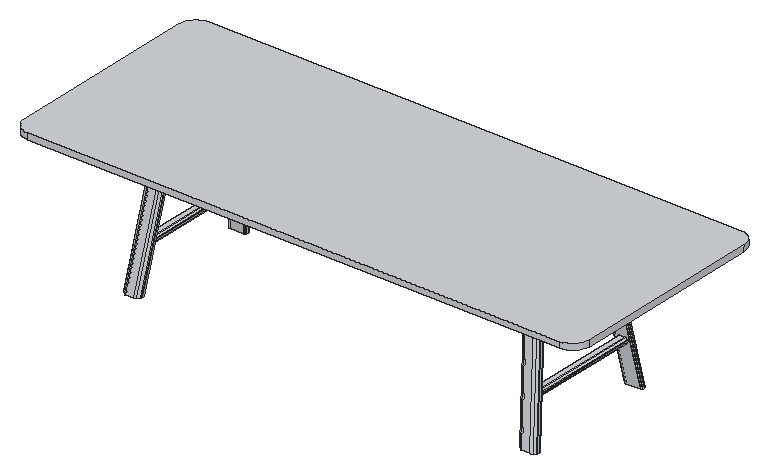
Revit family "Bernhardt_Design-Tables-Freestanding-Frame_30h-Blueprint", category Furniture, Revit 2016
Family settings
  OmniClass Number = 23.40.20.00
  OmniClass Title = General Furniture and Specialties
  Work Plane-Based = No
  Always vertical = Yes
  Cut with Voids When Loaded = No
  Shared = No
  Room Calculation Point = No
Parameters (values of type "BPS-AOC-AARR000")
  Wood = none
  URL = "http://www.bernhardtdesign.com"
  TotalWidth = 120"
  TotalDepth = 48"
  TableWidth = TotalWidth / 2  # 60"
  TableTopHeight = TotalHeight - 1 1/4"  # 28 3/4"
  TotalHeight = 30"
  TableTop = none
  TableDepth = TotalDepth / 2  # 24"
  Spacer_96in = yes
  Spacer_72in = no
  Spacer_120in = yes
  SKU = "BPS-AOC-AARR000"
  RailCapFront = RailCap + 2"  # 2"
  RailCap = 0"
  Model = "Blueprint"  # constant formula
  Manufacturer = "Bernhardt Design"  # constant formula
  Railing_bottom = -Railing_top  # -38.54892"
  Railing_top = 38.54892"
  LegDistance = 16"
  LegHeight = TableTopHeight  # 28 3/4"
  Copyright © = "Copyright © Bernhardt Design"  # constant formula
  Catalog = SKU  # "BPS-AOC-AARR000"
  CapDistance = 38.54892"
  Blueprint Gray = Blueprint Gray
  BlackPaint = Black Paint
  Authoring Version = "Autodesk Revit 2016"  # constant formula
Types (10): name | TotalWidth | TotalDepth | TableWidth | TableDepth | Spacer_96in | Spacer_72in | Spacer_120in | SKU | Railing_bottom | Railing_top | LegDistance | Catalog | CapDistance
  (no name) | 120" | 48" | 60" | 24" | yes | no | yes | "BPS-AOC-AARR000" | -38.54892" | 38.54892" | 16" | "BPS-AOC-AARR000" | 38.54892"
  BPS-AGC-AARR000 | 72" | 48" | 36" | 24" | no | yes | no | "BPS-AGC-AARR000" | -12 3/4" | 12 3/4" | 20" | "BPS-AGC-AARR000" | 14 1/2"
  BPS-AKC-AARR000 | 96" | 48" | 48" | 24" | yes | no | no | "BPS-AKC-AARR000" | -24.51767" | 24.51767" | 16" | "BPS-AKC-AARR000" | 26.51767"
  BPS-AOC-AARR000 | 120" | 48" | 60" | 24" | yes | no | yes | "BPS-AOC-AARR000" | -38.54892" | 38.54892" | 16" | "BPS-AOC-AARR000" | 38.54892"
  BPS-AGA-AARR000 | 72" | 36" | 36" | 18" | no | yes | no | "BPS-AGA-AARR000" | -12 3/4" | 12 3/4" | 16" | "BPS-AGA-AARR000" | 14 1/2"
  BPS-AKA-AARR000 | 96" | 36" | 48" | 18" | yes | no | no | "BPS-AKA-AARR000" | -24.51767" | 24.51767" | 16" | "BPS-AKA-AARR000" | 26.51767"
  BPS-AOA-AARR000 | 120" | 36" | 60" | 18" | yes | no | yes | "BPS-AOA-AARR000" | -38.54892" | 38.54892" | 16" | "BPS-AOA-AARR000" | 38.54892"
  BPS-AGB-AARR000 | 72" | 42" | 36" | 21" | no | yes | no | "BPS-AGB-AARR000" | -12 3/4" | 12 3/4" | 16" | "BPS-AGB-AARR000" | 14 1/2"
  BPS-AKB-AARR000 | 96" | 42" | 48" | 21" | yes | no | no | "BPS-AKB-AARR000" | -24.51767" | 24.51767" | 16" | "BPS-AKB-AARR000" | 26.51767"
  BPS-AOB-AARR000 | 120" | 42" | 60" | 21" | yes | no | yes | "BPS-AOB-AARR000" | -38.54892" | 38.54892" | 16" | "BPS-AOB-AARR000" | 38.54892"
Reference planes (in)
  plane 1 "Center Front/Back": y = 0
  plane 2: z = 0
  plane 3 "Center Left/Right": x = 0
  plane 4 "railTop_plane": z = 27.8248
  plane 5 "TableTop_plane": z = 30
  plane 6 "tableBottom_plane": z = 28.75
  plane 7 "railBottom_plane": z = 25.79724
  plane 8 "Crossbar_top_plane": y = 12.06057
  plane 9 "Crossbar_bottom_plane": y = -12.16143
  plane 10 "width_left_plane": x = -60
  plane 11 "width_right_plane": x = 60
  plane 12 "depth_top_plane": y = 24
  plane 13 "depth_bottom_plane": y = -24
  plane 14 "RailEnd_right_plane": x = 38.54892
  plane 15 "RailEnd_left_plane": x = -38.54892
  plane 16 "EndCap_right_plane": x = 40.29823
  plane 17 "EndCap_left_plane": x = -40.2916
Forms (in)
  Extrusion 1, solid, material <- "TableTop"
    sketch origin (0, 0, 0) x (1, 0, 0) y (0, 1, 0)
      loop
        arc (-56.5, 24) -> (-58.97487, 22.97487) -> (-60, 20.5) r 3.5
        line (-60, 20.5) -> (-60, -20.5)
        arc (-60, -20.5) -> (-58.97487, -22.97487) -> (-56.5, -24) r 3.5
        line (-56.5, -24) -> (56.5, -24)
        arc (56.5, -24) -> (58.97487, -22.97487) -> (60, -20.5) r 3.5
        line (60, -20.5) -> (60, 20.5)
        arc (60, 20.5) -> (58.97487, 22.97487) -> (56.5, 24) r 3.5
        line (56.5, 24) -> (-56.5, 24)
    from 30 <- "TotalHeight" to 28.75 <- "TableTopHeight"
  Extrusion 2, solid, material "Blueprint Gray" <- "Blueprint Gray"
    sketch origin (0, -6.68362, 17.41142) x (0, -1, 0) y (0, 0, 1)
      loop
        arc (-0.89738, 10.41338) -> (-0.95224, 10.39066) -> (-0.97496, 10.3358) r 0.07758
        line (-0.97496, 10.3358) -> (-0.97496, 8.46243)
        arc (-0.97496, 8.46243) -> (-0.95253, 8.40826) -> (-0.89836, 8.38583) r 0.0766
        line (-0.89836, 8.38583) -> (0.74076, 8.38583)
        arc (0.74076, 8.38583) -> (0.79557, 8.40853) -> (0.81827, 8.46334) r 0.07751
        line (0.81827, 8.46334) -> (0.81827, 10.334)
        arc (0.81827, 10.334) -> (0.79502, 10.39013) -> (0.73889, 10.41338) r 0.07938
        line (0.73889, 10.41338) -> (-0.89738, 10.41338)
      loop
        arc (-14.10793, 10.41338) -> (-14.16279, 10.39066) -> (-14.18551, 10.3358) r 0.07758
        line (-14.18551, 10.3358) -> (-14.18551, 8.46243)
        arc (-14.18551, 8.46243) -> (-14.16307, 8.40826) -> (-14.10891, 8.38583) r 0.0766
        line (-14.10891, 8.38583) -> (-12.46979, 8.38583)
        arc (-12.46979, 8.38583) -> (-12.41498, 8.40853) -> (-12.39228, 8.46334) r 0.07751
        line (-12.39228, 8.46334) -> (-12.39228, 10.334)
        arc (-12.39228, 10.334) -> (-12.41553, 10.39013) -> (-12.47166, 10.41338) r 0.07938
        line (-12.47166, 10.41338) -> (-14.10793, 10.41338)
    from -38.54892 <- "Railing_bottom" to 38.54892 <- "Railing_top"
  Extrusion 3, solid, material "Blueprint Gray" <- "Blueprint Gray"
    sketch origin (38.54892, 0, 0) x (0, 0, -1) y (0, -1, 0)
      loop
        line (-28.75, -7.53436) -> (-25.7432, -7.53436) -> (-25.7432, -5.65936) -> (-28.75, -5.65936) -> (-28.75, -7.53436)
      loop
        line (-28.75, 5.66998) -> (-25.7432, 5.66998) -> (-25.7432, 7.53436) -> (-28.75, 7.53436) -> (-28.75, 5.66998)
    from 0 <- "RailCap" to 2 <- "RailCapFront"
  Extrusion 4, solid, material "Blueprint Gray" <- "Blueprint Gray"
    sketch origin (-38.54892, 0, 0) x (0, 0, 1) y (0, -1, 0)
      loop
        line (28.75, -7.53436) -> (28.75, -5.65936) -> (25.7432, -5.65936) -> (25.7432, -7.53436) -> (28.75, -7.53436)
      loop
        line (28.75, 5.66998) -> (28.75, 7.53436) -> (25.7432, 7.53436) -> (25.7432, 5.66998) -> (28.75, 5.66998)
    from 0 <- "RailCap" to 2 <- "RailCapFront"
  Extrusion 5, solid, material "Blueprint Gray" <- "Blueprint Gray", visible <- "Spacer_72in"
    sketch origin (20, 0, 0) x (0, -1, 0) y (0, 0, 1)
      loop
        line (-7.50051, 28.75) -> (-7.50051, 27.8248) -> (-5.67329, 27.8248) -> (-5.67329, 28.75) -> (-7.50051, 28.75)
      loop
        line (5.66998, 28.75) -> (5.66998, 27.8248) -> (7.49719, 27.8248) -> (7.49719, 28.75) -> (5.66998, 28.75)
    from 12.39763 to 13.89763
  Extrusion 6, solid, material "Blueprint Gray" <- "Blueprint Gray", visible <- "Spacer_72in"
    sketch origin (-20, 0, 0) x (0, -1, 0) y (0, 0, -1)
      loop
        line (-7.50051, -28.75) -> (-5.67329, -28.75) -> (-5.67329, -27.8248) -> (-7.50051, -27.8248) -> (-7.50051, -28.75)
      loop
        line (5.66998, -28.75) -> (7.49719, -28.75) -> (7.49719, -27.8248) -> (5.66998, -27.8248) -> (5.66998, -28.75)
    from 12.39763 to 13.89763
  Extrusion 7, solid, material <- "Wood"
    sketch origin (0, 0, 0) x (1, 0, 0) y (0, 0, 1)
      loop
        line (38.54892, 28.75) -> (38.54892, 24.22889) -> (40.2916, 24.22889) -> (39.81642, 28.75) -> (38.54892, 28.75)
    from -9.29414 to 9.23754
  Extrusion 8, solid, material <- "Wood"
    sketch origin (0, 0, 0) x (1, 0, 0) y (0, 0, 1)
      loop
        line (-38.54892, 28.75) -> (-39.79379, 28.75) -> (-40.26898, 24.22889) -> (-38.54892, 24.22889) -> (-38.54892, 28.75)
    from -9.29414 to 9.23754
  Extrusion 9, solid, material "Blueprint Gray" <- "Blueprint Gray", visible <- "Spacer_96in"
    sketch origin (-26.85091, 0, 0) x (0, -1, 0) y (0, 0, -1)
      loop
        line (-7.50051, -28.75) -> (-5.67329, -28.75) -> (-5.67329, -27.8248) -> (-7.50051, -27.8248) -> (-7.50051, -28.75)
      loop
        line (5.66998, -28.75) -> (7.49719, -28.75) -> (7.49719, -27.8248) -> (5.66998, -27.8248) -> (5.66998, -28.75)
    from 12.39763 to 13.89763
  Extrusion 10, solid, material "Blueprint Gray" <- "Blueprint Gray", visible <- "Spacer_96in"
    sketch origin (13.14909, 0, 0) x (0, -1, 0) y (0, 0, 1)
      loop
        line (-7.50051, 28.75) -> (-7.50051, 27.8248) -> (-5.67329, 27.8248) -> (-5.67329, 28.75) -> (-7.50051, 28.75)
      loop
        line (5.66998, 28.75) -> (5.66998, 27.8248) -> (7.49719, 27.8248) -> (7.49719, 28.75) -> (5.66998, 28.75)
    from 12.39763 to 13.89763
  Extrusion 11, solid, material "Blueprint Gray" <- "Blueprint Gray", visible <- "Spacer_96in"
    sketch origin (26.85381, 0, 0) x (0, -1, 0) y (0, 0, 1)
      loop
        line (-7.50051, 28.75) -> (-7.50051, 27.8248) -> (-5.67329, 27.8248) -> (-5.67329, 28.75) -> (-7.50051, 28.75)
      loop
        line (5.66998, 28.75) -> (5.66998, 27.8248) -> (7.49719, 27.8248) -> (7.49719, 28.75) -> (5.66998, 28.75)
    from 12.39763 to 13.89763
  Extrusion 12, solid, material "Blueprint Gray" <- "Blueprint Gray", visible <- "Spacer_120in"
    sketch origin (40.55853, 0, 0) x (0, -1, 0) y (0, 0, 1)
      loop
        line (-7.50051, 28.75) -> (-7.50051, 27.8248) -> (-5.67329, 27.8248) -> (-5.67329, 28.75) -> (-7.50051, 28.75)
      loop
        line (5.66998, 28.75) -> (5.66998, 27.8248) -> (7.49719, 27.8248) -> (7.49719, 28.75) -> (5.66998, 28.75)
    from 12.39763 to 13.89763
  Extrusion 13, solid, material "Blueprint Gray" <- "Blueprint Gray", visible <- "Spacer_120in"
    sketch origin (-40.55562, 0, 0) x (0, -1, 0) y (0, 0, -1)
      loop
        line (-7.50051, -28.75) -> (-5.67329, -28.75) -> (-5.67329, -27.8248) -> (-7.50051, -27.8248) -> (-7.50051, -28.75)
      loop
        line (5.66998, -28.75) -> (7.49719, -28.75) -> (7.49719, -27.8248) -> (5.66998, -27.8248) -> (5.66998, -28.75)
    from 12.39763 to 13.89763
  Extrusion 14, solid, material <- "Wood"
    sketch origin (0.0365, -12.16143, 0) x (1, 0, 0) y (0, 0, 1)
      loop
        line (41.74469, 10) -> (40.76309, 10)
        arc (40.76309, 10) -> (40.66697, 9.97957) -> (40.58746, 9.92181) r 0.23632
        line (40.58746, 9.92181) -> (40.31336, 9.60649)
        arc (40.31336, 9.60649) -> (40.27791, 9.54977) -> (40.26173, 9.48488) r 0.21376
        line (40.26173, 9.48488) -> (40.26173, 9.40601)
        arc (40.26173, 9.40601) -> (40.26394, 9.36995) -> (40.27052, 9.33443) r 0.29589
        line (40.27052, 9.33443) -> (40.57179, 8.76783)
        arc (40.57179, 8.76783) -> (40.67289, 8.6613) -> (40.81441, 8.62205) r 0.27478
        line (40.81441, 8.62205) -> (41.69336, 8.62205)
        arc (41.69336, 8.62205) -> (41.83488, 8.6613) -> (41.93598, 8.76783) r 0.27478
        line (41.93598, 8.76783) -> (42.23725, 9.33443)
        arc (42.23725, 9.33443) -> (42.24383, 9.36995) -> (42.24604, 9.40601) r 0.29589
        line (42.24604, 9.40601) -> (42.24604, 9.48488)
        arc (42.24604, 9.48488) -> (42.22986, 9.54977) -> (42.19442, 9.60649) r 0.21376
        line (42.19442, 9.60649) -> (41.92031, 9.92181)
        arc (41.92031, 9.92181) -> (41.84081, 9.97957) -> (41.74469, 10) r 0.23632
    from 0 to -24
  Extrusion 15, solid, material <- "Wood"
    sketch origin (-34.43981, -12.16143, 0) x (1, 0, 0) y (0, 0, 1)
      loop
        line (-6.35315, 10) -> (-7.33475, 10)
        arc (-7.33475, 10) -> (-7.43087, 9.97957) -> (-7.51037, 9.92181) r 0.23632
        line (-7.51037, 9.92181) -> (-7.78448, 9.60649)
        arc (-7.78448, 9.60649) -> (-7.81992, 9.54977) -> (-7.8361, 9.48488) r 0.21376
        line (-7.8361, 9.48488) -> (-7.8361, 9.40601)
        arc (-7.8361, 9.40601) -> (-7.83389, 9.36995) -> (-7.82731, 9.33443) r 0.29589
        line (-7.82731, 9.33443) -> (-7.52604, 8.76783)
        arc (-7.52604, 8.76783) -> (-7.42495, 8.6613) -> (-7.28342, 8.62205) r 0.27478
        line (-7.28342, 8.62205) -> (-6.40447, 8.62205)
        arc (-6.40447, 8.62205) -> (-6.26295, 8.6613) -> (-6.16185, 8.76783) r 0.27478
        line (-6.16185, 8.76783) -> (-5.86058, 9.33443)
        arc (-5.86058, 9.33443) -> (-5.854, 9.36995) -> (-5.8518, 9.40601) r 0.29589
        line (-5.8518, 9.40601) -> (-5.8518, 9.48488)
        arc (-5.8518, 9.48488) -> (-5.86797, 9.54977) -> (-5.90342, 9.60649) r 0.21376
        line (-5.90342, 9.60649) -> (-6.17753, 9.92181)
        arc (-6.17753, 9.92181) -> (-6.25703, 9.97957) -> (-6.35315, 10) r 0.23632
    from 0 to -24
  Blend 16, solid, material <- "Wood"
    base sketch origin (13.28914, 0, 0) x (1, 0, 0) y (0, 1, 0)
      loop
        line (-54.56631, 14.99138) -> (-56.28621, 14.99138)
        arc (-56.28621, 14.99138) -> (-56.48599, 14.94709) -> (-56.64833, 14.82252) r 0.47272
        line (-56.64833, 14.82252) -> (-57.21306, 14.38131)
        arc (-57.21306, 14.38131) -> (-57.2966, 14.2852) -> (-57.33806, 14.1648) r 0.33368
        line (-57.33806, 14.1648) -> (-57.33806, 13.80635)
        arc (-57.33806, 13.80635) -> (-57.32146, 13.71219) -> (-57.27365, 13.62939) r 0.2753
        line (-57.27365, 13.62939) -> (-57.13897, 13.49471)
        arc (-57.13897, 13.49471) -> (-57.0587, 13.44357) -> (-56.96433, 13.43114) r 0.21989
        line (-56.96433, 13.43114) -> (-53.88819, 13.43114)
        arc (-53.88819, 13.43114) -> (-53.79382, 13.44357) -> (-53.71354, 13.49471) r 0.21989
        line (-53.71354, 13.49471) -> (-53.57886, 13.62939)
        arc (-53.57886, 13.62939) -> (-53.53106, 13.71219) -> (-53.51446, 13.80635) r 0.2753
        line (-53.51446, 13.80635) -> (-53.51446, 14.1648)
        arc (-53.51446, 14.1648) -> (-53.55591, 14.2852) -> (-53.63946, 14.38131) r 0.33368
        line (-53.63946, 14.38131) -> (-54.20419, 14.82252)
        arc (-54.20419, 14.82252) -> (-54.36653, 14.94709) -> (-54.56631, 14.99138) r 0.47272
    top sketch origin (13.28914, 0, 0) x (1, 0, 0) y (0, 1, 0)
      loop
        line (-51.61304, 9.98118) -> (-53.33294, 9.98118)
        arc (-53.33294, 9.98118) -> (-53.53272, 9.93689) -> (-53.69506, 9.81232) r 0.47272
        line (-53.69506, 9.81232) -> (-54.25979, 9.3711)
        arc (-54.25979, 9.3711) -> (-54.34333, 9.275) -> (-54.38479, 9.1546) r 0.33368
        line (-54.38479, 9.1546) -> (-54.38479, 8.79614)
        arc (-54.38479, 8.79614) -> (-54.36819, 8.70198) -> (-54.32038, 8.61918) r 0.2753
        line (-54.32038, 8.61918) -> (-54.18571, 8.48451)
        arc (-54.18571, 8.48451) -> (-54.10543, 8.43336) -> (-54.01106, 8.42094) r 0.21989
        line (-54.01106, 8.42094) -> (-50.93492, 8.42094)
        arc (-50.93492, 8.42094) -> (-50.84055, 8.43336) -> (-50.76027, 8.48451) r 0.21989
        line (-50.76027, 8.48451) -> (-50.62559, 8.61918)
        arc (-50.62559, 8.61918) -> (-50.57779, 8.70198) -> (-50.56119, 8.79614) r 0.2753
        line (-50.56119, 8.79614) -> (-50.56119, 9.1546)
        arc (-50.56119, 9.1546) -> (-50.60265, 9.275) -> (-50.68619, 9.3711) r 0.33368
        line (-50.68619, 9.3711) -> (-51.25092, 9.81232)
        arc (-51.25092, 9.81232) -> (-51.41326, 9.93689) -> (-51.61304, 9.98118) r 0.47272
    from 0 to 28.75 <- "LegHeight"
  Blend 17, solid, material <- "Wood"
    base sketch origin (13.28914, 0, 0) x (1, 0, 0) y (0, 1, 0)
      loop
        arc (-54.56631, -14.99138) -> (-54.36653, -14.94709) -> (-54.20419, -14.82252) r 0.47272
        line (-54.20419, -14.82252) -> (-53.63946, -14.38131)
        arc (-53.63946, -14.38131) -> (-53.55591, -14.2852) -> (-53.51446, -14.1648) r 0.33368
        line (-53.51446, -14.1648) -> (-53.51446, -13.80635)
        arc (-53.51446, -13.80635) -> (-53.53106, -13.71219) -> (-53.57886, -13.62939) r 0.2753
        line (-53.57886, -13.62939) -> (-53.71354, -13.49471)
        arc (-53.71354, -13.49471) -> (-53.79382, -13.44357) -> (-53.88819, -13.43114) r 0.21989
        line (-53.88819, -13.43114) -> (-56.96433, -13.43114)
        arc (-56.96433, -13.43114) -> (-57.0587, -13.44357) -> (-57.13897, -13.49471) r 0.21989
        line (-57.13897, -13.49471) -> (-57.27365, -13.62939)
        arc (-57.27365, -13.62939) -> (-57.32146, -13.71219) -> (-57.33806, -13.80635) r 0.2753
        line (-57.33806, -13.80635) -> (-57.33806, -14.1648)
        arc (-57.33806, -14.1648) -> (-57.2966, -14.2852) -> (-57.21306, -14.38131) r 0.33368
        line (-57.21306, -14.38131) -> (-56.64833, -14.82252)
        arc (-56.64833, -14.82252) -> (-56.48599, -14.94709) -> (-56.28621, -14.99138) r 0.47272
        line (-56.28621, -14.99138) -> (-54.56631, -14.99138)
    top sketch origin (13.28914, 0, 0) x (1, 0, 0) y (0, 1, 0)
      loop
        arc (-51.61304, -9.98118) -> (-51.41326, -9.93689) -> (-51.25092, -9.81232) r 0.47272
        line (-51.25092, -9.81232) -> (-50.68619, -9.3711)
        arc (-50.68619, -9.3711) -> (-50.60265, -9.275) -> (-50.56119, -9.1546) r 0.33368
        line (-50.56119, -9.1546) -> (-50.56119, -8.79614)
        arc (-50.56119, -8.79614) -> (-50.57779, -8.70198) -> (-50.62559, -8.61918) r 0.2753
        line (-50.62559, -8.61918) -> (-50.76027, -8.48451)
        arc (-50.76027, -8.48451) -> (-50.84055, -8.43336) -> (-50.93492, -8.42094) r 0.21989
        line (-50.93492, -8.42094) -> (-54.01106, -8.42094)
        arc (-54.01106, -8.42094) -> (-54.10543, -8.43336) -> (-54.18571, -8.48451) r 0.21989
        line (-54.18571, -8.48451) -> (-54.32038, -8.61918)
        arc (-54.32038, -8.61918) -> (-54.36819, -8.70198) -> (-54.38479, -8.79614) r 0.2753
        line (-54.38479, -8.79614) -> (-54.38479, -9.1546)
        arc (-54.38479, -9.1546) -> (-54.34333, -9.275) -> (-54.25979, -9.3711) r 0.33368
        line (-54.25979, -9.3711) -> (-53.69506, -9.81232)
        arc (-53.69506, -9.81232) -> (-53.53272, -9.93689) -> (-53.33294, -9.98118) r 0.47272
        line (-53.33294, -9.98118) -> (-51.61304, -9.98118)
    from 0 to 28.75 <- "LegHeight"
  Blend 18, solid, material <- "Wood"
    base sketch origin (-13.28914, 0, 0) x (-1, 0, 0) y (0, -1, 0)
      loop
        arc (-54.56631, -14.99138) -> (-54.36653, -14.94709) -> (-54.20419, -14.82252) r 0.47272
        line (-54.20419, -14.82252) -> (-53.63946, -14.38131)
        arc (-53.63946, -14.38131) -> (-53.55591, -14.2852) -> (-53.51446, -14.1648) r 0.33368
        line (-53.51446, -14.1648) -> (-53.51446, -13.80635)
        arc (-53.51446, -13.80635) -> (-53.53106, -13.71219) -> (-53.57886, -13.62939) r 0.2753
        line (-53.57886, -13.62939) -> (-53.71354, -13.49471)
        arc (-53.71354, -13.49471) -> (-53.79382, -13.44357) -> (-53.88819, -13.43114) r 0.21989
        line (-53.88819, -13.43114) -> (-56.96433, -13.43114)
        arc (-56.96433, -13.43114) -> (-57.0587, -13.44357) -> (-57.13897, -13.49471) r 0.21989
        line (-57.13897, -13.49471) -> (-57.27365, -13.62939)
        arc (-57.27365, -13.62939) -> (-57.32146, -13.71219) -> (-57.33806, -13.80635) r 0.2753
        line (-57.33806, -13.80635) -> (-57.33806, -14.1648)
        arc (-57.33806, -14.1648) -> (-57.2966, -14.2852) -> (-57.21306, -14.38131) r 0.33368
        line (-57.21306, -14.38131) -> (-56.64833, -14.82252)
        arc (-56.64833, -14.82252) -> (-56.48599, -14.94709) -> (-56.28621, -14.99138) r 0.47272
        line (-56.28621, -14.99138) -> (-54.56631, -14.99138)
    top sketch origin (-13.28914, 0, 0) x (-1, 0, 0) y (0, -1, 0)
      loop
        arc (-51.61304, -9.98118) -> (-51.41326, -9.93689) -> (-51.25092, -9.81232) r 0.47272
        line (-51.25092, -9.81232) -> (-50.68619, -9.3711)
        arc (-50.68619, -9.3711) -> (-50.60265, -9.275) -> (-50.56119, -9.1546) r 0.33368
        line (-50.56119, -9.1546) -> (-50.56119, -8.79614)
        arc (-50.56119, -8.79614) -> (-50.57779, -8.70198) -> (-50.62559, -8.61918) r 0.2753
        line (-50.62559, -8.61918) -> (-50.76027, -8.48451)
        arc (-50.76027, -8.48451) -> (-50.84055, -8.43336) -> (-50.93492, -8.42094) r 0.21989
        line (-50.93492, -8.42094) -> (-54.01106, -8.42094)
        arc (-54.01106, -8.42094) -> (-54.10543, -8.43336) -> (-54.18571, -8.48451) r 0.21989
        line (-54.18571, -8.48451) -> (-54.32038, -8.61918)
        arc (-54.32038, -8.61918) -> (-54.36819, -8.70198) -> (-54.38479, -8.79614) r 0.2753
        line (-54.38479, -8.79614) -> (-54.38479, -9.1546)
        arc (-54.38479, -9.1546) -> (-54.34333, -9.275) -> (-54.25979, -9.3711) r 0.33368
        line (-54.25979, -9.3711) -> (-53.69506, -9.81232)
        arc (-53.69506, -9.81232) -> (-53.53272, -9.93689) -> (-53.33294, -9.98118) r 0.47272
        line (-53.33294, -9.98118) -> (-51.61304, -9.98118)
    from 0 to 28.75 <- "LegHeight"
  Blend 19, solid, material <- "Wood"
    base sketch origin (-13.28914, 0, 0) x (-1, 0, 0) y (0, -1, 0)
      loop
        line (-54.56631, 14.99138) -> (-56.28621, 14.99138)
        arc (-56.28621, 14.99138) -> (-56.48599, 14.94709) -> (-56.64833, 14.82252) r 0.47272
        line (-56.64833, 14.82252) -> (-57.21306, 14.38131)
        arc (-57.21306, 14.38131) -> (-57.2966, 14.2852) -> (-57.33806, 14.1648) r 0.33368
        line (-57.33806, 14.1648) -> (-57.33806, 13.80635)
        arc (-57.33806, 13.80635) -> (-57.32146, 13.71219) -> (-57.27365, 13.62939) r 0.2753
        line (-57.27365, 13.62939) -> (-57.13897, 13.49471)
        arc (-57.13897, 13.49471) -> (-57.0587, 13.44357) -> (-56.96433, 13.43114) r 0.21989
        line (-56.96433, 13.43114) -> (-53.88819, 13.43114)
        arc (-53.88819, 13.43114) -> (-53.79382, 13.44357) -> (-53.71354, 13.49471) r 0.21989
        line (-53.71354, 13.49471) -> (-53.57886, 13.62939)
        arc (-53.57886, 13.62939) -> (-53.53106, 13.71219) -> (-53.51446, 13.80635) r 0.2753
        line (-53.51446, 13.80635) -> (-53.51446, 14.1648)
        arc (-53.51446, 14.1648) -> (-53.55591, 14.2852) -> (-53.63946, 14.38131) r 0.33368
        line (-53.63946, 14.38131) -> (-54.20419, 14.82252)
        arc (-54.20419, 14.82252) -> (-54.36653, 14.94709) -> (-54.56631, 14.99138) r 0.47272
    top sketch origin (-13.28914, 0, 0) x (-1, 0, 0) y (0, -1, 0)
      loop
        line (-51.61304, 9.98118) -> (-53.33294, 9.98118)
        arc (-53.33294, 9.98118) -> (-53.53272, 9.93689) -> (-53.69506, 9.81232) r 0.47272
        line (-53.69506, 9.81232) -> (-54.25979, 9.3711)
        arc (-54.25979, 9.3711) -> (-54.34333, 9.275) -> (-54.38479, 9.1546) r 0.33368
        line (-54.38479, 9.1546) -> (-54.38479, 8.79614)
        arc (-54.38479, 8.79614) -> (-54.36819, 8.70198) -> (-54.32038, 8.61918) r 0.2753
        line (-54.32038, 8.61918) -> (-54.18571, 8.48451)
        arc (-54.18571, 8.48451) -> (-54.10543, 8.43336) -> (-54.01106, 8.42094) r 0.21989
        line (-54.01106, 8.42094) -> (-50.93492, 8.42094)
        arc (-50.93492, 8.42094) -> (-50.84055, 8.43336) -> (-50.76027, 8.48451) r 0.21989
        line (-50.76027, 8.48451) -> (-50.62559, 8.61918)
        arc (-50.62559, 8.61918) -> (-50.57779, 8.70198) -> (-50.56119, 8.79614) r 0.2753
        line (-50.56119, 8.79614) -> (-50.56119, 9.1546)
        arc (-50.56119, 9.1546) -> (-50.60265, 9.275) -> (-50.68619, 9.3711) r 0.33368
        line (-50.68619, 9.3711) -> (-51.25092, 9.81232)
        arc (-51.25092, 9.81232) -> (-51.41326, 9.93689) -> (-51.61304, 9.98118) r 0.47272
    from 0 to 28.75 <- "LegHeight"
Dimensions and locks (in)
  "TotalHeight": plane 5 "TableTop_plane" to level
  "TableDepth": plane 1 "Center Front/Back" to plane 12 "depth_top_plane"
  "TableDepth": plane 13 "depth_bottom_plane" to plane 1 "Center Front/Back"
  "TableWidth": plane 10 "width_left_plane" to plane 3 "Center Left/Right"
  "TableWidth": plane 3 "Center Left/Right" to plane 11 "width_right_plane"
  locked: plane 16 "EndCap_right_plane" to Extrusion 7 at 1.74932
  locked: plane 17 "EndCap_left_plane" to plane 15 "RailEnd_left_plane" at 1.74269
  locked: plane 14 "RailEnd_right_plane" to plane 16 "EndCap_right_plane" at 1.74932
  plane 17 "EndCap_left_plane" to Extrusion 8 = 1.74269"
  "CapDistance": plane 15 "RailEnd_left_plane" to plane 3 "Center Left/Right"
  "CapDistance": plane 3 "Center Left/Right" to plane 14 "RailEnd_right_plane"
  plane 9 "Crossbar_bottom_plane" to Extrusion 14 = 24"
  radius of Extrusion 1 sketch curve = 3 1/2"
  aligned and locked: level to plane 2
  aligned and locked: Extrusion 1 to plane 12 "depth_top_plane"
  aligned and locked: plane 11 "width_right_plane" to Extrusion 1
  aligned and locked: Extrusion 1 to plane 10 "width_left_plane"
  aligned and locked: plane 13 "depth_bottom_plane" to Extrusion 1
  aligned and locked: plane 15 "RailEnd_left_plane" to Extrusion 8
Automatic sketch dimensions
  Extrusion 1 sketch curve to plane 10 "width_left_plane" = 0"
  plane 13 "depth_bottom_plane" to Extrusion 1 sketch curve = 0"
  plane 12 "depth_top_plane" to Extrusion 1 sketch curve = 0"
  Extrusion 1 sketch curve to plane 11 "width_right_plane" = 0"
  plane 10 "width_left_plane" to Extrusion 1 sketch curve = 3 1/2"  (x2)
  Extrusion 1 sketch curve to Extrusion 1 sketch curve = 3 1/2"
  plane 7 "railBottom_plane" to Extrusion 2 sketch curve = 0"  (x2)
  plane 4 "railTop_plane" to Extrusion 2 sketch curve = 0"  (x2)
  Extrusion 2 sketch curve to plane 7 "railBottom_plane" = 0.0766"  (x2)
  Extrusion 2 sketch curve to plane 8 "Crossbar_top_plane" = 4.55867"
  Extrusion 2 sketch curve to Extrusion 2 sketch curve = 0.07758"
  Extrusion 2 sketch curve to Extrusion 2 sketch curve = 1.63627"  (x2)
  Extrusion 2 sketch curve to plane 7 "railBottom_plane" = 0.07751"  (x2)
  Extrusion 2 sketch curve to Extrusion 2 sketch curve = 1.63912"  (x2)
  plane 4 "railTop_plane" to Extrusion 2 sketch curve = 0.07758"
  plane 1 "Center Front/Back" to Extrusion 2 sketch curve = 5.70865"
  Extrusion 3 sketch curve to plane 6 "tableBottom_plane" = 0"  (x2)
  plane 7 "railBottom_plane" to Extrusion 3 sketch curve = 0.05404"  (x2)
  Extrusion 3 sketch curve to plane 8 "Crossbar_top_plane" = 4.52621"
  Extrusion 3 sketch curve to Extrusion 3 sketch curve = 1 7/8"
  plane 1 "Center Front/Back" to Extrusion 3 sketch curve = 5.66998"
  Extrusion 3 sketch curve to Extrusion 3 sketch curve = 1.86438"
  Extrusion 4 sketch curve to plane 6 "tableBottom_plane" = 0"  (x2)
  plane 7 "railBottom_plane" to Extrusion 4 sketch curve = 0.05404"  (x2)
  Extrusion 4 sketch curve to plane 8 "Crossbar_top_plane" = 4.52621"
  Extrusion 4 sketch curve to Extrusion 4 sketch curve = 1 7/8"
  plane 1 "Center Front/Back" to Extrusion 4 sketch curve = 5.66998"
  Extrusion 4 sketch curve to Extrusion 4 sketch curve = 1.86438"
  plane 4 "railTop_plane" to Extrusion 5 sketch curve = 0"  (x2)
  Extrusion 5 sketch curve to plane 6 "tableBottom_plane" = 0"  (x2)
  Extrusion 5 sketch curve to plane 8 "Crossbar_top_plane" = 4.56006"
  Extrusion 5 sketch curve to Extrusion 5 sketch curve = 1.82721"  (x2)
  plane 1 "Center Front/Back" to Extrusion 5 sketch curve = 5.66998"
  plane 4 "railTop_plane" to Extrusion 6 sketch curve = 0"  (x2)
  Extrusion 6 sketch curve to plane 6 "tableBottom_plane" = 0"  (x2)
  Extrusion 6 sketch curve to plane 8 "Crossbar_top_plane" = 4.56006"
  Extrusion 6 sketch curve to Extrusion 6 sketch curve = 1.82721"  (x2)
  plane 1 "Center Front/Back" to Extrusion 6 sketch curve = 5.66998"
  plane 14 "RailEnd_right_plane" to Extrusion 7 sketch curve = 0"
  Extrusion 7 sketch curve to plane 6 "tableBottom_plane" = 0"
  plane 16 "EndCap_right_plane" to Extrusion 7 sketch curve = 0.48182"
  plane 16 "EndCap_right_plane" to Extrusion 7 sketch curve = 0.00663"
  plane 7 "railBottom_plane" to Extrusion 7 sketch curve = 1.56835"
  Extrusion 8 sketch curve to plane 6 "tableBottom_plane" = 0"
  Extrusion 8 sketch curve to plane 15 "RailEnd_left_plane" = 0"
  plane 17 "EndCap_left_plane" to Extrusion 8 sketch curve = 0.49781"
  plane 17 "EndCap_left_plane" to Extrusion 8 sketch curve = 0.02263"
  plane 7 "railBottom_plane" to Extrusion 8 sketch curve = 1.56835"
  plane 4 "railTop_plane" to Extrusion 9 sketch curve = 0"  (x2)
  Extrusion 9 sketch curve to plane 6 "tableBottom_plane" = 0"  (x2)
  Extrusion 9 sketch curve to plane 8 "Crossbar_top_plane" = 4.56006"
  Extrusion 9 sketch curve to Extrusion 9 sketch curve = 1.82721"  (x2)
  plane 1 "Center Front/Back" to Extrusion 9 sketch curve = 5.66998"
  plane 4 "railTop_plane" to Extrusion 10 sketch curve = 0"  (x2)
  Extrusion 10 sketch curve to plane 6 "tableBottom_plane" = 0"  (x2)
  Extrusion 10 sketch curve to plane 8 "Crossbar_top_plane" = 4.56006"
  Extrusion 10 sketch curve to Extrusion 10 sketch curve = 1.82721"  (x2)
  plane 1 "Center Front/Back" to Extrusion 10 sketch curve = 5.66998"
  plane 4 "railTop_plane" to Extrusion 11 sketch curve = 0"  (x2)
  Extrusion 11 sketch curve to plane 6 "tableBottom_plane" = 0"  (x2)
  Extrusion 11 sketch curve to plane 8 "Crossbar_top_plane" = 4.56006"
  Extrusion 11 sketch curve to Extrusion 11 sketch curve = 1.82721"  (x2)
  plane 1 "Center Front/Back" to Extrusion 11 sketch curve = 5.66998"
  plane 4 "railTop_plane" to Extrusion 12 sketch curve = 0"  (x2)
  Extrusion 12 sketch curve to plane 6 "tableBottom_plane" = 0"  (x2)
  Extrusion 12 sketch curve to plane 8 "Crossbar_top_plane" = 4.56006"
  Extrusion 12 sketch curve to Extrusion 12 sketch curve = 1.82721"  (x2)
  plane 1 "Center Front/Back" to Extrusion 12 sketch curve = 5.66998"
  plane 4 "railTop_plane" to Extrusion 13 sketch curve = 0"  (x2)
  Extrusion 13 sketch curve to plane 6 "tableBottom_plane" = 0"  (x2)
  Extrusion 13 sketch curve to plane 8 "Crossbar_top_plane" = 4.56006"
  Extrusion 13 sketch curve to Extrusion 13 sketch curve = 1.82721"  (x2)
  plane 1 "Center Front/Back" to Extrusion 13 sketch curve = 5.66998"
  plane 16 "EndCap_right_plane" to Extrusion 14 sketch curve = 0"
  Extrusion 14 sketch curve to plane 16 "EndCap_right_plane" = 0.00879"
  Extrusion 14 sketch curve to plane 16 "EndCap_right_plane" = 0.05162"
  Extrusion 14 sketch curve to plane 16 "EndCap_right_plane" = 0.21295"
  Extrusion 14 sketch curve to Extrusion 14 sketch curve = 0.08294"  (x2)
  Extrusion 14 sketch curve to plane 16 "EndCap_right_plane" = 0.31006"
  Extrusion 14 sketch curve to plane 16 "EndCap_right_plane" = 0.32573"
  Extrusion 14 sketch curve to Extrusion 14 sketch curve = 0.17562"  (x2)
  Extrusion 14 sketch curve to Extrusion 14 sketch curve = 0.24262"  (x2)
  Extrusion 14 sketch curve to Extrusion 14 sketch curve = 0.87895"
  Extrusion 14 sketch curve to Extrusion 14 sketch curve = 0.9816"
  Extrusion 14 sketch curve to Extrusion 14 sketch curve = 0.20546"
  Extrusion 14 sketch curve to Extrusion 14 sketch curve = 0.16133"
  Extrusion 14 sketch curve to Extrusion 14 sketch curve = 0.20416"
  Extrusion 14 sketch curve to Extrusion 14 sketch curve = 0.05162"
  level to Extrusion 14 sketch curve = 8.62205"
  Extrusion 14 sketch curve to Extrusion 14 sketch curve = 0.14578"  (x2)
  Extrusion 14 sketch curve to Extrusion 14 sketch curve = 0.5666"  (x2)
  Extrusion 14 sketch curve to Extrusion 14 sketch curve = 0.06023"  (x2)
  Extrusion 14 sketch curve to Extrusion 14 sketch curve = 0.07886"  (x2)
  Extrusion 14 sketch curve to Extrusion 14 sketch curve = 0.35767"  (x2)
  Extrusion 14 sketch curve to Extrusion 14 sketch curve = 0.15813"
  Extrusion 15 sketch curve to plane 17 "EndCap_left_plane" = 0"
  Extrusion 15 sketch curve to plane 17 "EndCap_left_plane" = 0.00879"
  Extrusion 15 sketch curve to plane 17 "EndCap_left_plane" = 0.05162"
  Extrusion 15 sketch curve to plane 17 "EndCap_left_plane" = 0.21295"
  Extrusion 15 sketch curve to Extrusion 15 sketch curve = 0.08294"  (x2)
  Extrusion 15 sketch curve to plane 17 "EndCap_left_plane" = 0.31006"
  Extrusion 15 sketch curve to plane 17 "EndCap_left_plane" = 0.32573"
  Extrusion 15 sketch curve to Extrusion 15 sketch curve = 0.17562"  (x2)
  Extrusion 15 sketch curve to Extrusion 15 sketch curve = 0.24262"  (x2)
  Extrusion 15 sketch curve to Extrusion 15 sketch curve = 0.87895"
  Extrusion 15 sketch curve to Extrusion 15 sketch curve = 0.05133"
  Extrusion 15 sketch curve to Extrusion 15 sketch curve = 0.20546"
  Extrusion 15 sketch curve to Extrusion 15 sketch curve = 0.16133"
  Extrusion 15 sketch curve to Extrusion 15 sketch curve = 0.20416"
  Extrusion 15 sketch curve to Extrusion 15 sketch curve = 0.00879"
  level to Extrusion 15 sketch curve = 8.62205"
  Extrusion 15 sketch curve to Extrusion 15 sketch curve = 0.14578"  (x2)
  Extrusion 15 sketch curve to Extrusion 15 sketch curve = 0.5666"  (x2)
  Extrusion 15 sketch curve to Extrusion 15 sketch curve = 0.06023"  (x2)
  Extrusion 15 sketch curve to Extrusion 15 sketch curve = 0.07886"  (x2)
  Extrusion 15 sketch curve to Extrusion 15 sketch curve = 0.35767"  (x2)
  Extrusion 15 sketch curve to Extrusion 15 sketch curve = 0.15813"
  Blend 16 sketch curve to Blend 16 sketch curve = 0.13468"  (x7)
  Blend 16 sketch curve to Blend 16 sketch curve = 0.05514"  (x2)
  Blend 16 sketch curve to Blend 16 sketch curve = 0.07927"  (x4)
  Blend 16 sketch curve to Blend 16 sketch curve = 0.17465"  (x3)
  Blend 16 sketch curve to Blend 16 sketch curve = 0.36212"  (x3)
  Blend 16 sketch curve to plane 17 "EndCap_left_plane" = 0.98556"
  Blend 16 sketch curve to plane 17 "EndCap_left_plane" = 0.30744"
  Blend 16 sketch curve to Blend 16 sketch curve = 0.01916"  (x2)
  Blend 16 sketch curve to plane 17 "EndCap_left_plane" = 0.26414"
  Blend 16 sketch curve to plane 17 "EndCap_left_plane" = 0.13279"
  Blend 16 sketch curve to plane 17 "EndCap_left_plane" = 0.05871"
  plane 17 "EndCap_left_plane" to Blend 16 sketch curve = 0.00188"
  plane 17 "EndCap_left_plane" to Blend 16 sketch curve = 0.06629"
  plane 8 "Crossbar_top_plane" to Blend 16 sketch curve = 1.37058"
  Blend 16 sketch curve to Blend 16 sketch curve = 0.06357"  (x4)
  Blend 16 sketch curve to Blend 16 sketch curve = 0.31202"  (x4)
  Blend 16 sketch curve to Blend 16 sketch curve = 0.04644"  (x4)
  Blend 16 sketch curve to Blend 16 sketch curve = 0.4003"  (x4)
  Blend 16 sketch curve to Blend 16 sketch curve = 0.30386"  (x2)
  Blend 16 sketch curve to plane 17 "EndCap_left_plane" = 0.80404"
  Blend 16 sketch curve to Blend 16 sketch curve = 0.06441"
  Blend 16 sketch curve to Blend 16 sketch curve = 1/8"  (x2)
  Blend 16 sketch curve to Blend 16 sketch curve = 0.21089"
  Blend 16 sketch curve to plane 17 "EndCap_left_plane" = 0.11431"
  plane 17 "EndCap_left_plane" to Blend 16 sketch curve = 0.24781"
  plane 15 "RailEnd_left_plane" to Blend 16 sketch curve = 0.22502"
  plane 15 "RailEnd_left_plane" to Blend 16 sketch curve = 0.90314"
  Blend 16 sketch curve to Blend 16 sketch curve = 0.02413"
  Blend 16 sketch curve to Blend 16 sketch curve = 0.20544"  (x2)
  Blend 16 sketch curve to plane 8 "Crossbar_top_plane" = 3.63963"
  Blend 17 sketch curve to Blend 17 sketch curve = 0.13468"  (x6)
  Blend 17 sketch curve to Blend 17 sketch curve = 0.21089"  (x2)
  Blend 17 sketch curve to Blend 17 sketch curve = 0.05514"  (x2)
  Blend 17 sketch curve to Blend 17 sketch curve = 0.07927"  (x4)
  Blend 17 sketch curve to Blend 17 sketch curve = 0.17465"  (x3)
  Blend 17 sketch curve to Blend 17 sketch curve = 0.36212"  (x3)
  Blend 17 sketch curve to plane 17 "EndCap_left_plane" = 0.98556"
  Blend 17 sketch curve to plane 17 "EndCap_left_plane" = 0.30744"
  Blend 17 sketch curve to Blend 17 sketch curve = 0.01916"  (x2)
  Blend 17 sketch curve to plane 17 "EndCap_left_plane" = 0.26414"
  Blend 17 sketch curve to plane 17 "EndCap_left_plane" = 0.13279"
  Blend 17 sketch curve to plane 17 "EndCap_left_plane" = 0.05871"
  plane 17 "EndCap_left_plane" to Blend 17 sketch curve = 0.00188"
  plane 17 "EndCap_left_plane" to Blend 17 sketch curve = 0.06629"
  plane 9 "Crossbar_bottom_plane" to Blend 17 sketch curve = 2.82996"
  Blend 17 sketch curve to Blend 17 sketch curve = 0.16886"  (x2)
  Blend 17 sketch curve to Blend 17 sketch curve = 0.44122"  (x2)
  Blend 17 sketch curve to Blend 17 sketch curve = 0.21651"  (x2)
  Blend 17 sketch curve to Blend 17 sketch curve = 0.31202"  (x3)
  Blend 17 sketch curve to Blend 17 sketch curve = 0.35846"
  Blend 17 sketch curve to Blend 17 sketch curve = 0.15615"  (x2)
  plane 17 "EndCap_left_plane" to Blend 17 sketch curve = 0.80404"
  Blend 17 sketch curve to Blend 17 sketch curve = 0.06441"
  Blend 17 sketch curve to Blend 17 sketch curve = 1/8"  (x3)
  plane 17 "EndCap_left_plane" to Blend 17 sketch curve = 0.11431"
  Blend 17 sketch curve to plane 17 "EndCap_left_plane" = 0.24781"
  Blend 17 sketch curve to plane 15 "RailEnd_left_plane" = 0.22502"
  Blend 17 sketch curve to plane 15 "RailEnd_left_plane" = 0.90314"
  Blend 17 sketch curve to Blend 17 sketch curve = 0.02413"
  Blend 17 sketch curve to Blend 17 sketch curve = 0.20544"  (x2)
  plane 9 "Crossbar_bottom_plane" to Blend 17 sketch curve = 3.74049"
  Blend 17 sketch curve to Blend 17 sketch curve = 0.06357"  (x2)
  Blend 17 sketch curve to Blend 17 sketch curve = 0.04644"  (x2)
  Blend 17 sketch curve to Blend 17 sketch curve = 0.4003"  (x2)
  Blend 17 sketch curve to Blend 17 sketch curve = 0.30386"
  Blend 18 sketch curve to Blend 18 sketch curve = 0.13468"  (x6)
  Blend 18 sketch curve to Blend 18 sketch curve = 0.05514"  (x2)
  Blend 18 sketch curve to Blend 18 sketch curve = 0.07927"  (x4)
  Blend 18 sketch curve to Blend 18 sketch curve = 0.17465"  (x3)
  Blend 18 sketch curve to Blend 18 sketch curve = 0.36212"  (x3)
  Blend 18 sketch curve to plane 16 "EndCap_right_plane" = 0.97893"
  Blend 18 sketch curve to plane 16 "EndCap_right_plane" = 0.30081"
  Blend 18 sketch curve to Blend 18 sketch curve = 0.01916"  (x2)
  Blend 18 sketch curve to plane 16 "EndCap_right_plane" = 0.25751"
  Blend 18 sketch curve to plane 16 "EndCap_right_plane" = 0.12616"
  Blend 18 sketch curve to plane 16 "EndCap_right_plane" = 0.05208"
  plane 16 "EndCap_right_plane" to Blend 18 sketch curve = 0.00852"
  plane 16 "EndCap_right_plane" to Blend 18 sketch curve = 0.07292"
  plane 8 "Crossbar_top_plane" to Blend 18 sketch curve = 2.93082"
  Blend 18 sketch curve to Blend 18 sketch curve = 0.16886"  (x2)
  Blend 18 sketch curve to Blend 18 sketch curve = 0.44122"  (x2)
  Blend 18 sketch curve to Blend 18 sketch curve = 0.21651"  (x2)
  Blend 18 sketch curve to Blend 18 sketch curve = 0.31202"  (x3)
  Blend 18 sketch curve to Blend 18 sketch curve = 0.35846"
  Blend 18 sketch curve to Blend 18 sketch curve = 0.15615"  (x2)
  plane 16 "EndCap_right_plane" to Blend 18 sketch curve = 0.79741"
  Blend 18 sketch curve to Blend 18 sketch curve = 0.06441"
  Blend 18 sketch curve to Blend 18 sketch curve = 1/8"  (x3)
  Blend 18 sketch curve to Blend 18 sketch curve = 0.21089"
  plane 16 "EndCap_right_plane" to Blend 18 sketch curve = 0.10768"
  Blend 18 sketch curve to plane 16 "EndCap_right_plane" = 0.25444"
  Blend 18 sketch curve to plane 14 "RailEnd_right_plane" = 0.22502"
  Blend 18 sketch curve to plane 14 "RailEnd_right_plane" = 0.90314"
  Blend 18 sketch curve to Blend 18 sketch curve = 0.02413"
  Blend 18 sketch curve to Blend 18 sketch curve = 0.20544"  (x2)
  plane 8 "Crossbar_top_plane" to Blend 18 sketch curve = 3.63963"
  Blend 18 sketch curve to Blend 18 sketch curve = 0.06357"  (x2)
  Blend 18 sketch curve to Blend 18 sketch curve = 0.04644"  (x2)
  Blend 18 sketch curve to Blend 18 sketch curve = 0.4003"  (x2)
  Blend 18 sketch curve to Blend 18 sketch curve = 0.30386"
  Blend 19 sketch curve to Blend 19 sketch curve = 0.13468"  (x7)
  Blend 19 sketch curve to Blend 19 sketch curve = 0.05514"  (x2)
  Blend 19 sketch curve to Blend 19 sketch curve = 0.07927"  (x4)
  Blend 19 sketch curve to Blend 19 sketch curve = 0.17465"  (x4)
  Blend 19 sketch curve to Blend 19 sketch curve = 0.36212"  (x4)
  Blend 19 sketch curve to Blend 19 sketch curve = 1.7199"  (x2)
  Blend 19 sketch curve to Blend 19 sketch curve = 0.67812"  (x2)
  Blend 19 sketch curve to Blend 19 sketch curve = 0.01916"  (x2)
  Blend 19 sketch curve to Blend 19 sketch curve = 0.02413"  (x2)
  plane 9 "Crossbar_bottom_plane" to Blend 19 sketch curve = 1.33328"  (x2)
  plane 9 "Crossbar_bottom_plane" to Blend 19 sketch curve = 2.21988"  (x2)
  Blend 19 sketch curve to Blend 19 sketch curve = 0.20544"  (x2)
  plane 9 "Crossbar_bottom_plane" to Blend 19 sketch curve = 1.46796"
  Blend 19 sketch curve to Blend 19 sketch curve = 1/8"  (x3)
  Blend 19 sketch curve to Blend 19 sketch curve = 0.06357"  (x2)
  Blend 19 sketch curve to Blend 19 sketch curve = 0.31202"  (x4)
  Blend 19 sketch curve to Blend 19 sketch curve = 0.04644"  (x2)
  Blend 19 sketch curve to Blend 19 sketch curve = 0.4003"  (x2)
  Blend 19 sketch curve to Blend 19 sketch curve = 0.30386"  (x2)
  Blend 19 sketch curve to Blend 19 sketch curve = 0.06441"
  Blend 19 sketch curve to Blend 19 sketch curve = 0.21089"  (x2)
  Blend 19 sketch curve to Blend 19 sketch curve = 0.56473"  (x2)
  Blend 19 sketch curve to plane 9 "Crossbar_bottom_plane" = 2.34911"
  Blend 19 sketch curve to plane 9 "Crossbar_bottom_plane" = 3.67692"
  Blend 19 sketch curve to plane 9 "Crossbar_bottom_plane" = 2.79032"
  Blend 19 sketch curve to Blend 19 sketch curve = 1.32781"
  Blend 19 sketch curve to Blend 19 sketch curve = 0.47272"
  Blend 16 sketch curve to Blend 16 sketch curve = 1.7199"
  Blend 16 sketch curve to Blend 16 sketch curve = 0.67812"
  Blend 16 sketch curve to Blend 16 sketch curve = 0.15548"
  plane 8 "Crossbar_top_plane" to Blend 16 sketch curve = 2.32074"
  Blend 17 sketch curve to Blend 17 sketch curve = 1.7199"
  Blend 17 sketch curve to Blend 17 sketch curve = 0.67812"
  Blend 19 sketch curve to plane 16 "EndCap_right_plane" = 0.79741"
  Blend 18 sketch curve to Blend 18 sketch curve = 1.7199"
  Blend 18 sketch curve to Blend 18 sketch curve = 0.67812"
  Blend 18 sketch curve to Blend 18 sketch curve = 0.15548"
  plane 9 "Crossbar_bottom_plane" to Blend 19 sketch curve = 1.64492"
  Blend 19 sketch curve to plane 16 "EndCap_right_plane" = 3.75068"
